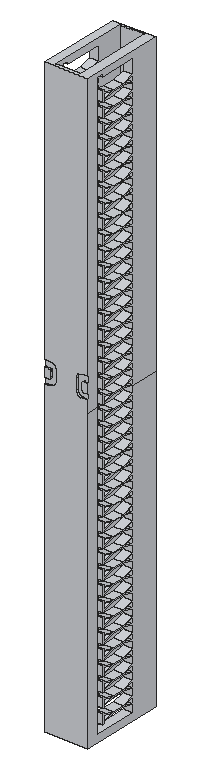
Revit family
Parameters
  Material ID = "760072868\r\n760072868"
  Description = "Vertical Cable Management Kit, 6in X 84in (152mm X 2134mm) Single Sided, With Door, Silver"
Reference planes (in)
  plane 1 "Center (Front/Back)": y = 0
  plane 2: z = 0
  plane 3 "Center (Left/Right)": x = 0
Forms (in)
  Extrusion 1, void, not visible
    sketch origin (0, 0, 0) x (1, 0, 0) y (0, 0, 1)
      loop
        line (-7.85662, 0.48089) -> (-7.85662, -0.39002) -> (-7.67285, -0.39002) -> (-7.67285, -0.64002) -> (-7.0736, -0.64002) -> (-7.0736, -0.39002) -> (-6.92978, -0.39002) -> (-6.92978, 0.48089) -> (-7.85662, 0.48089)
    from -3.79215 to 12
  Extrusion 2, void, not visible
    sketch origin (0, 0, 0) x (1, 0, 0) y (0, 0, 1)
      loop
        line (-8.21397, 0.42583) -> (-8.21397, -0.07417) -> (-8.08657, -0.07417) -> (-8.08657, -0.27417) -> (-7.83657, -0.27417) -> (-7.83657, -0.07417) -> (-7.72497, -0.07417) -> (-7.72497, 0.42583) -> (-8.21397, 0.42583)
    from 0.74059 to 3.34334
  Extrusion 3, solid
    sketch origin (0, 0, 0) x (1, 0, 0) y (0, 0, 1)
      loop
        line (7, 42) -> (1, 42) -> (1, -42) -> (7, -42) -> (7, 0) -> (7, 42)
    from 11.281 to -0.549
  Extrusion 4, void
    sketch origin (0, 0, 0) x (1, 0, 0) y (0, 0, 1)
      loop
        line (7, 4.67999) -> (6.17811, 4.67999)
        arc (6.17811, 4.67999) -> (5.61242, 4.44568) -> (5.37811, 3.87999) r 0.8
        line (5.37811, 3.87999) -> (5.37811, 2.45474)
        arc (5.37811, 2.45474) -> (5.61242, 1.88905) -> (6.17811, 1.65474) r 0.8
        line (6.17811, 1.65474) -> (7, 1.65474) -> (7, 2.45474) -> (6.47811, 2.45474)
        arc (6.47811, 2.45474) -> (6.26598, 2.54261) -> (6.17811, 2.75474) r 0.3
        line (6.17811, 2.75474) -> (6.17811, 3.44627)
        arc (6.17811, 3.44627) -> (6.26598, 3.6584) -> (6.47811, 3.74627) r 0.3
        line (6.47811, 3.74627) -> (7, 3.74627) -> (7, 4.67999)
      loop
        line (1, 4.67999) -> (1, 3.74627) -> (1.52189, 3.74627)
        arc (1.52189, 3.74627) -> (1.73402, 3.6584) -> (1.82189, 3.44627) r 0.3
        line (1.82189, 3.44627) -> (1.82189, 2.75474)
        arc (1.82189, 2.75474) -> (1.73402, 2.54261) -> (1.52189, 2.45474) r 0.3
        line (1.52189, 2.45474) -> (1, 2.45474) -> (1, 1.65474) -> (1.82189, 1.65474)
        arc (1.82189, 1.65474) -> (2.38758, 1.88905) -> (2.62189, 2.45474) r 0.8
        line (2.62189, 2.45474) -> (2.62189, 3.87999)
        arc (2.62189, 3.87999) -> (2.38758, 4.44568) -> (1.82189, 4.67999) r 0.8
        line (1.82189, 4.67999) -> (1, 4.67999)
    from 11.08569 to 11.281
  Extrusion 5, void
    sketch origin (0, 0, 0) x (1, 0, 0) y (0, 1, 0)
      loop
        line (5.70983, 0.3385) -> (2.20983, 0.3385) -> (2.20983, -10.9115) -> (5.70983, -10.9115) -> (5.70983, 0.3385)
    from -57.1272 to 54.97812
  Extrusion 6, void
    sketch origin (0, 0, 0) x (0, 1, 0) y (0, 0, 1)
      loop
        line (-3.37841, 39.06909) -> (-3.37841, 41.06909) -> (-8.50915, 41.06909) -> (-8.50915, 39.06909) -> (-6.81878, 38.61615) -> (-5.06878, 38.61615) -> (-3.37841, 39.06909)
      loop
        line (-3.37841, 38.06909) -> (-5.06878, 38.52202) -> (-6.81878, 38.52202) -> (-8.50915, 38.06909) -> (-8.50915, 37.81909) -> (-8.50915, 37.06909) -> (-6.81878, 36.61615) -> (-5.06878, 36.61615) -> (-3.37841, 37.06909) -> (-3.37841, 37.81909) -> (-3.37841, 38.06909)
      loop
        line (-3.37841, 39.00985) -> (-4.9864, 38.57899) -> (-3.37841, 38.14813) -> (-3.37841, 39.00985)
      loop
        line (-8.50915, 39.00985) -> (-8.50915, 38.14813) -> (-6.90115, 38.57899) -> (-8.50915, 39.00985)
      loop
        line (-3.37841, 36.06909) -> (-5.06878, 36.52202) -> (-6.81878, 36.52202) -> (-8.50915, 36.06909) -> (-8.50915, 35.06909) -> (-6.81878, 34.61615) -> (-5.06878, 34.61615) -> (-3.37841, 35.06909) -> (-3.37841, 36.06909)
      loop
        line (-3.37841, 37.00985) -> (-4.9864, 36.57899) -> (-3.37841, 36.14813) -> (-3.37841, 37.00985)
      loop
        line (-8.50915, 37.00985) -> (-8.50915, 36.14813) -> (-6.90115, 36.57899) -> (-8.50915, 37.00985)
      loop
        line (-3.37841, 34.06909) -> (-5.06878, 34.52202) -> (-6.81878, 34.52202) -> (-8.50915, 34.06909) -> (-8.50915, 33.06909) -> (-6.81878, 32.61615) -> (-5.06878, 32.61615) -> (-3.37841, 33.06909) -> (-3.37841, 34.06909)
      loop
        line (-3.37841, 35.00985) -> (-4.9864, 34.57899) -> (-3.37841, 34.14813) -> (-3.37841, 35.00985)
      loop
        line (-8.50915, 35.00985) -> (-8.50915, 34.14813) -> (-6.90115, 34.57899) -> (-8.50915, 35.00985)
      loop
        line (-3.37841, 32.06909) -> (-5.06878, 32.52202) -> (-6.81878, 32.52202) -> (-8.50915, 32.06909) -> (-8.50915, 31.06909) -> (-6.81878, 30.61615) -> (-5.06878, 30.61615) -> (-3.37841, 31.06909) -> (-3.37841, 32.06909)
      loop
        line (-3.37841, 33.00985) -> (-4.9864, 32.57899) -> (-3.37841, 32.14813) -> (-3.37841, 33.00985)
      loop
        line (-8.50915, 33.00985) -> (-8.50915, 32.14813) -> (-6.90115, 32.57899) -> (-8.50915, 33.00985)
      loop
        line (-3.37841, 30.06909) -> (-5.06878, 30.52202) -> (-6.81878, 30.52202) -> (-8.50915, 30.06909) -> (-8.50915, 29.06909) -> (-6.81878, 28.61615) -> (-5.06878, 28.61615) -> (-3.37841, 29.06909) -> (-3.37841, 30.06909)
      loop
        line (-3.37841, 31.00985) -> (-4.9864, 30.57899) -> (-3.37841, 30.14813) -> (-3.37841, 31.00985)
      loop
        line (-8.50915, 31.00985) -> (-8.50915, 30.14813) -> (-6.90115, 30.57899) -> (-8.50915, 31.00985)
      loop
        line (-3.37841, 28.06909) -> (-5.06878, 28.52202) -> (-6.81878, 28.52202) -> (-8.50915, 28.06909) -> (-8.50915, 27.06909) -> (-6.81878, 26.61615) -> (-5.06878, 26.61615) -> (-3.37841, 27.06909) -> (-3.37841, 28.06909)
      loop
        line (-3.37841, 29.00985) -> (-4.9864, 28.57899) -> (-3.37841, 28.14813) -> (-3.37841, 29.00985)
      loop
        line (-8.50915, 29.00985) -> (-8.50915, 28.14813) -> (-6.90115, 28.57899) -> (-8.50915, 29.00985)
      loop
        line (-3.37841, 26.06909) -> (-5.06878, 26.52202) -> (-6.81878, 26.52202) -> (-8.50915, 26.06909) -> (-8.50915, 25.06909) -> (-6.81878, 24.61615) -> (-5.06878, 24.61615) -> (-3.37841, 25.06909) -> (-3.37841, 26.06909)
      loop
        line (-3.37841, 27.00985) -> (-4.9864, 26.57899) -> (-3.37841, 26.14813) -> (-3.37841, 27.00985)
      loop
        line (-8.50915, 27.00985) -> (-8.50915, 26.14813) -> (-6.90115, 26.57899) -> (-8.50915, 27.00985)
      loop
        line (-3.37841, 24.06909) -> (-5.06878, 24.52202) -> (-6.81878, 24.52202) -> (-8.50915, 24.06909) -> (-8.50915, 23.06909) -> (-6.81878, 22.61615) -> (-5.06878, 22.61615) -> (-3.37841, 23.06909) -> (-3.37841, 24.06909)
      loop
        line (-3.37841, 25.00985) -> (-4.9864, 24.57899) -> (-3.37841, 24.14813) -> (-3.37841, 25.00985)
      loop
        line (-8.50915, 25.00985) -> (-8.50915, 24.14813) -> (-6.90115, 24.57899) -> (-8.50915, 25.00985)
      loop
        line (-3.37841, 22.06909) -> (-5.06878, 22.52202) -> (-6.81878, 22.52202) -> (-8.50915, 22.06909) -> (-8.50915, 21.06909) -> (-6.81878, 20.61615) -> (-5.06878, 20.61615) -> (-3.37841, 21.06909) -> (-3.37841, 22.06909)
      loop
        line (-3.37841, 23.00985) -> (-4.9864, 22.57899) -> (-3.37841, 22.14813) -> (-3.37841, 23.00985)
      loop
        line (-8.50915, 23.00985) -> (-8.50915, 22.14813) -> (-6.90115, 22.57899) -> (-8.50915, 23.00985)
      loop
        line (-3.37841, 20.06909) -> (-5.06878, 20.52202) -> (-6.81878, 20.52202) -> (-8.50915, 20.06909) -> (-8.50915, 19.06909) -> (-6.81878, 18.61615) -> (-5.06878, 18.61615) -> (-3.37841, 19.06909) -> (-3.37841, 20.06909)
      loop
        line (-3.37841, 21.00985) -> (-4.9864, 20.57899) -> (-3.37841, 20.14813) -> (-3.37841, 21.00985)
      loop
        line (-8.50915, 21.00985) -> (-8.50915, 20.14813) -> (-6.90115, 20.57899) -> (-8.50915, 21.00985)
      loop
        line (-3.37841, 18.06909) -> (-5.06878, 18.52202) -> (-6.81878, 18.52202) -> (-8.50915, 18.06909) -> (-8.50915, 17.06909) -> (-6.81878, 16.61615) -> (-5.06878, 16.61615) -> (-3.37841, 17.06909) -> (-3.37841, 18.06909)
      loop
        line (-3.37841, 19.00985) -> (-4.9864, 18.57899) -> (-3.37841, 18.14813) -> (-3.37841, 19.00985)
      loop
        line (-8.50915, 19.00985) -> (-8.50915, 18.14813) -> (-6.90115, 18.57899) -> (-8.50915, 19.00985)
      loop
        line (-3.37841, 16.06909) -> (-5.06878, 16.52202) -> (-6.81878, 16.52202) -> (-8.50915, 16.06909) -> (-8.50915, 15.06909) -> (-6.81878, 14.61615) -> (-5.06878, 14.61615) -> (-3.37841, 15.06909) -> (-3.37841, 16.06909)
      loop
        line (-3.37841, 17.00985) -> (-4.9864, 16.57899) -> (-3.37841, 16.14813) -> (-3.37841, 17.00985)
      loop
        line (-8.50915, 17.00985) -> (-8.50915, 16.14813) -> (-6.90115, 16.57899) -> (-8.50915, 17.00985)
      loop
        line (-3.37841, 14.06909) -> (-5.06878, 14.52202) -> (-6.81878, 14.52202) -> (-8.50915, 14.06909) -> (-8.50915, 13.06909) -> (-6.81878, 12.61615) -> (-5.06878, 12.61615) -> (-3.37841, 13.06909) -> (-3.37841, 14.06909)
      loop
        line (-3.37841, 15.00985) -> (-4.9864, 14.57899) -> (-3.37841, 14.14813) -> (-3.37841, 15.00985)
      loop
        line (-8.50915, 15.00985) -> (-8.50915, 14.14813) -> (-6.90115, 14.57899) -> (-8.50915, 15.00985)
      loop
        line (-3.37841, 12.06909) -> (-5.06878, 12.52202) -> (-6.81878, 12.52202) -> (-8.50915, 12.06909) -> (-8.50915, 11.06909) -> (-6.81878, 10.61615) -> (-5.06878, 10.61615) -> (-3.37841, 11.06909) -> (-3.37841, 12.06909)
      loop
        line (-3.37841, 13.00985) -> (-4.9864, 12.57899) -> (-3.37841, 12.14813) -> (-3.37841, 13.00985)
      loop
        line (-8.50915, 13.00985) -> (-8.50915, 12.14813) -> (-6.90115, 12.57899) -> (-8.50915, 13.00985)
      loop
        line (-3.37841, 10.06909) -> (-5.06878, 10.52202) -> (-6.81878, 10.52202) -> (-8.50915, 10.06909) -> (-8.50915, 9.06909) -> (-6.81878, 8.61615) -> (-5.06878, 8.61615) -> (-3.37841, 9.06909) -> (-3.37841, 10.06909)
      loop
        line (-3.37841, 11.00985) -> (-4.9864, 10.57899) -> (-3.37841, 10.14813) -> (-3.37841, 11.00985)
      loop
        line (-8.50915, 11.00985) -> (-8.50915, 10.14813) -> (-6.90115, 10.57899) -> (-8.50915, 11.00985)
      loop
        line (-3.37841, 8.06909) -> (-5.06878, 8.52202) -> (-6.81878, 8.52202) -> (-8.50915, 8.06909) -> (-8.50915, 7.06909) -> (-6.81878, 6.61615) -> (-5.06878, 6.61615) -> (-3.37841, 7.06909) -> (-3.37841, 8.06909)
      loop
        line (-3.37841, 9.00985) -> (-4.9864, 8.57899) -> (-3.37841, 8.14813) -> (-3.37841, 9.00985)
      loop
        line (-8.50915, 9.00985) -> (-8.50915, 8.14813) -> (-6.90115, 8.57899) -> (-8.50915, 9.00985)
      loop
        line (-3.37841, 6.06909) -> (-5.06878, 6.52202) -> (-6.81878, 6.52202) -> (-8.50915, 6.06909) -> (-8.50915, 5.06909) -> (-6.81878, 4.61615) -> (-5.06878, 4.61615) -> (-3.37841, 5.06909) -> (-3.37841, 6.06909)
      loop
        line (-3.37841, 7.00985) -> (-4.9864, 6.57899) -> (-3.37841, 6.14813) -> (-3.37841, 7.00985)
      loop
        line (-8.50915, 7.00985) -> (-8.50915, 6.14813) -> (-6.90115, 6.57899) -> (-8.50915, 7.00985)
      loop
        line (-3.37841, 4.06909) -> (-5.06878, 4.52202) -> (-6.81878, 4.52202) -> (-8.50915, 4.06909) -> (-8.50915, 3.06909) -> (-6.81878, 2.61615) -> (-5.06878, 2.61615) -> (-3.37841, 3.06909) -> (-3.37841, 4.06909)
      loop
        line (-3.37841, 5.00985) -> (-4.9864, 4.57899) -> (-3.37841, 4.14813) -> (-3.37841, 5.00985)
      loop
        line (-8.50915, 5.00985) -> (-8.50915, 4.14813) -> (-6.90115, 4.57899) -> (-8.50915, 5.00985)
      loop
        line (-3.37841, 2.06909) -> (-5.06878, 2.52202) -> (-6.81878, 2.52202) -> (-8.50915, 2.06909) -> (-8.50915, 1.06909) -> (-6.81878, 0.61615) -> (-5.06878, 0.61615) -> (-3.37841, 1.06909) -> (-3.37841, 2.06909)
      loop
        line (-3.37841, 3.00985) -> (-4.9864, 2.57899) -> (-3.37841, 2.14813) -> (-3.37841, 3.00985)
      loop
        line (-8.50915, 3.00985) -> (-8.50915, 2.14813) -> (-6.90115, 2.57899) -> (-8.50915, 3.00985)
      loop
        line (-3.37841, 0.06909) -> (-5.06878, 0.52202) -> (-6.81878, 0.52202) -> (-8.50915, 0.06909) -> (-8.50915, -0.93091) -> (-6.81878, -1.38385) -> (-5.06878, -1.38385) -> (-3.37841, -0.93091) -> (-3.37841, 0.06909)
      loop
        line (-3.37841, 1.00985) -> (-4.9864, 0.57899) -> (-3.37841, 0.14813) -> (-3.37841, 1.00985)
      loop
        line (-8.50915, 1.00985) -> (-8.50915, 0.14813) -> (-6.90115, 0.57899) -> (-8.50915, 1.00985)
      loop
        line (-3.37841, -1.93091) -> (-5.06878, -1.47798) -> (-6.81878, -1.47798) -> (-8.50915, -1.93091) -> (-8.50915, -2.93091) -> (-6.81878, -3.38385) -> (-5.06878, -3.38385) -> (-3.37841, -2.93091) -> (-3.37841, -1.93091)
      loop
        line (-3.37841, -0.99015) -> (-4.9864, -1.42101) -> (-3.37841, -1.85187) -> (-3.37841, -0.99015)
      loop
        line (-8.50915, -0.99015) -> (-8.50915, -1.85187) -> (-6.90115, -1.42101) -> (-8.50915, -0.99015)
      loop
        line (-3.37841, -3.93091) -> (-5.06878, -3.47798) -> (-6.81878, -3.47798) -> (-8.50915, -3.93091) -> (-8.50915, -4.93091) -> (-6.81878, -5.38385) -> (-5.06878, -5.38385) -> (-3.37841, -4.93091) -> (-3.37841, -3.93091)
      loop
        line (-3.37841, -2.99015) -> (-4.9864, -3.42101) -> (-3.37841, -3.85187) -> (-3.37841, -2.99015)
      loop
        line (-8.50915, -2.99015) -> (-8.50915, -3.85187) -> (-6.90115, -3.42101) -> (-8.50915, -2.99015)
      loop
        line (-3.37841, -5.93091) -> (-5.06878, -5.47798) -> (-6.81878, -5.47798) -> (-8.50915, -5.93091) -> (-8.50915, -6.93091) -> (-6.81878, -7.38385) -> (-5.06878, -7.38385) -> (-3.37841, -6.93091) -> (-3.37841, -5.93091)
      loop
        line (-3.37841, -4.99015) -> (-4.9864, -5.42101) -> (-3.37841, -5.85187) -> (-3.37841, -4.99015)
      loop
        line (-8.50915, -4.99015) -> (-8.50915, -5.85187) -> (-6.90115, -5.42101) -> (-8.50915, -4.99015)
      loop
        line (-3.37841, -7.93091) -> (-5.06878, -7.47798) -> (-6.81878, -7.47798) -> (-8.50915, -7.93091) -> (-8.50915, -8.93091) -> (-6.81878, -9.38385) -> (-5.06878, -9.38385) -> (-3.37841, -8.93091) -> (-3.37841, -7.93091)
      loop
        line (-3.37841, -6.99015) -> (-4.9864, -7.42101) -> (-3.37841, -7.85187) -> (-3.37841, -6.99015)
      loop
        line (-8.50915, -6.99015) -> (-8.50915, -7.85187) -> (-6.90115, -7.42101) -> (-8.50915, -6.99015)
      loop
        line (-3.37841, -9.93091) -> (-5.06878, -9.47798) -> (-6.81878, -9.47798) -> (-8.50915, -9.93091) -> (-8.50915, -10.93091) -> (-6.81878, -11.38385) -> (-5.06878, -11.38385) -> (-3.37841, -10.93091) -> (-3.37841, -9.93091)
      loop
        line (-3.37841, -8.99015) -> (-4.9864, -9.42101) -> (-3.37841, -9.85187) -> (-3.37841, -8.99015)
      loop
        line (-8.50915, -8.99015) -> (-8.50915, -9.85187) -> (-6.90115, -9.42101) -> (-8.50915, -8.99015)
      loop
        line (-3.37841, -11.93091) -> (-5.06878, -11.47798) -> (-6.81878, -11.47798) -> (-8.50915, -11.93091) -> (-8.50915, -12.93091) -> (-6.81878, -13.38385) -> (-5.06878, -13.38385) -> (-3.37841, -12.93091) -> (-3.37841, -11.93091)
      loop
        line (-3.37841, -10.99015) -> (-4.9864, -11.42101) -> (-3.37841, -11.85187) -> (-3.37841, -10.99015)
      loop
        line (-8.50915, -10.99015) -> (-8.50915, -11.85187) -> (-6.90115, -11.42101) -> (-8.50915, -10.99015)
      loop
        line (-3.37841, -13.93091) -> (-5.06878, -13.47798) -> (-6.81878, -13.47798) -> (-8.50915, -13.93091) -> (-8.50915, -14.93091) -> (-6.81878, -15.38385) -> (-5.06878, -15.38385) -> (-3.37841, -14.93091) -> (-3.37841, -13.93091)
      loop
        line (-3.37841, -12.99015) -> (-4.9864, -13.42101) -> (-3.37841, -13.85187) -> (-3.37841, -12.99015)
      loop
        line (-8.50915, -12.99015) -> (-8.50915, -13.85187) -> (-6.90115, -13.42101) -> (-8.50915, -12.99015)
      loop
        line (-3.37841, -15.93091) -> (-5.06878, -15.47798) -> (-6.81878, -15.47798) -> (-8.50915, -15.93091) -> (-8.50915, -16.93091) -> (-6.81878, -17.38385) -> (-5.06878, -17.38385) -> (-3.37841, -16.93091) -> (-3.37841, -15.93091)
      loop
        line (-3.37841, -14.99015) -> (-4.9864, -15.42101) -> (-3.37841, -15.85187) -> (-3.37841, -14.99015)
      loop
        line (-8.50915, -14.99015) -> (-8.50915, -15.85187) -> (-6.90115, -15.42101) -> (-8.50915, -14.99015)
      loop
        line (-3.37841, -17.93091) -> (-5.06878, -17.47798) -> (-6.81878, -17.47798) -> (-8.50915, -17.93091) -> (-8.50915, -18.93091) -> (-6.81878, -19.38385) -> (-5.06878, -19.38385) -> (-3.37841, -18.93091) -> (-3.37841, -17.93091)
      loop
        line (-3.37841, -16.99015) -> (-4.9864, -17.42101) -> (-3.37841, -17.85187) -> (-3.37841, -16.99015)
      loop
        line (-8.50915, -16.99015) -> (-8.50915, -17.85187) -> (-6.90115, -17.42101) -> (-8.50915, -16.99015)
      loop
        line (-3.37841, -19.93091) -> (-5.06878, -19.47798) -> (-6.81878, -19.47798) -> (-8.50915, -19.93091) -> (-8.50915, -20.93091) -> (-6.81878, -21.38385) -> (-5.06878, -21.38385) -> (-3.37841, -20.93091) -> (-3.37841, -19.93091)
      loop
        line (-3.37841, -18.99015) -> (-4.9864, -19.42101) -> (-3.37841, -19.85187) -> (-3.37841, -18.99015)
      loop
        line (-8.50915, -18.99015) -> (-8.50915, -19.85187) -> (-6.90115, -19.42101) -> (-8.50915, -18.99015)
      loop
        line (-3.37841, -21.93091) -> (-5.06878, -21.47798) -> (-6.81878, -21.47798) -> (-8.50915, -21.93091) -> (-8.50915, -22.93091) -> (-6.81878, -23.38385) -> (-5.06878, -23.38385) -> (-3.37841, -22.93091) -> (-3.37841, -21.93091)
      loop
        line (-3.37841, -20.99015) -> (-4.9864, -21.42101) -> (-3.37841, -21.85187) -> (-3.37841, -20.99015)
      loop
        line (-8.50915, -20.99015) -> (-8.50915, -21.85187) -> (-6.90115, -21.42101) -> (-8.50915, -20.99015)
      loop
        line (-3.37841, -23.93091) -> (-5.06878, -23.47798) -> (-6.81878, -23.47798) -> (-8.50915, -23.93091) -> (-8.50915, -24.93091) -> (-6.81878, -25.38385) -> (-5.06878, -25.38385) -> (-3.37841, -24.93091) -> (-3.37841, -23.93091)
      loop
        line (-3.37841, -22.99015) -> (-4.9864, -23.42101) -> (-3.37841, -23.85187) -> (-3.37841, -22.99015)
      loop
        line (-8.50915, -22.99015) -> (-8.50915, -23.85187) -> (-6.90115, -23.42101) -> (-8.50915, -22.99015)
      loop
        line (-3.37841, -25.93091) -> (-5.06878, -25.47798) -> (-6.81878, -25.47798) -> (-8.50915, -25.93091) -> (-8.50915, -26.93091) -> (-6.81878, -27.38385) -> (-5.06878, -27.38385) -> (-3.37841, -26.93091) -> (-3.37841, -25.93091)
      loop
        line (-3.37841, -24.99015) -> (-4.9864, -25.42101) -> (-3.37841, -25.85187) -> (-3.37841, -24.99015)
      loop
        line (-8.50915, -24.99015) -> (-8.50915, -25.85187) -> (-6.90115, -25.42101) -> (-8.50915, -24.99015)
      loop
        line (-3.37841, -27.93091) -> (-5.06878, -27.47798) -> (-6.81878, -27.47798) -> (-8.50915, -27.93091) -> (-8.50915, -28.93091) -> (-6.81878, -29.38385) -> (-5.06878, -29.38385) -> (-3.37841, -28.93091) -> (-3.37841, -27.93091)
      loop
        line (-3.37841, -26.99015) -> (-4.9864, -27.42101) -> (-3.37841, -27.85187) -> (-3.37841, -26.99015)
      loop
        line (-8.50915, -26.99015) -> (-8.50915, -27.85187) -> (-6.90115, -27.42101) -> (-8.50915, -26.99015)
      loop
        line (-3.37841, -29.93091) -> (-5.06878, -29.47798) -> (-6.81878, -29.47798) -> (-8.50915, -29.93091) -> (-8.50915, -30.93091) -> (-6.81878, -31.38385) -> (-5.06878, -31.38385) -> (-3.37841, -30.93091) -> (-3.37841, -29.93091)
      loop
        line (-3.37841, -28.99015) -> (-4.9864, -29.42101) -> (-3.37841, -29.85187) -> (-3.37841, -28.99015)
      loop
        line (-8.50915, -28.99015) -> (-8.50915, -29.85187) -> (-6.90115, -29.42101) -> (-8.50915, -28.99015)
      loop
        line (-3.37841, -31.93091) -> (-5.06878, -31.47798) -> (-6.81878, -31.47798) -> (-8.50915, -31.93091) -> (-8.50915, -32.93091) -> (-6.81878, -33.38385) -> (-5.06878, -33.38385) -> (-3.37841, -32.93091) -> (-3.37841, -31.93091)
      loop
        line (-3.37841, -30.99015) -> (-4.9864, -31.42101) -> (-3.37841, -31.85187) -> (-3.37841, -30.99015)
      loop
        line (-8.50915, -30.99015) -> (-8.50915, -31.85187) -> (-6.90115, -31.42101) -> (-8.50915, -30.99015)
      loop
        line (-3.37841, -33.93091) -> (-5.06878, -33.47798) -> (-6.81878, -33.47798) -> (-8.50915, -33.93091) -> (-8.50915, -34.93091) -> (-6.81878, -35.38385) -> (-5.06878, -35.38385) -> (-3.37841, -34.93091) -> (-3.37841, -33.93091)
      loop
        line (-3.37841, -32.99015) -> (-4.9864, -33.42101) -> (-3.37841, -33.85187) -> (-3.37841, -32.99015)
      loop
        line (-8.50915, -32.99015) -> (-8.50915, -33.85187) -> (-6.90115, -33.42101) -> (-8.50915, -32.99015)
      loop
        line (-3.37841, -35.93091) -> (-5.06878, -35.47798) -> (-6.81878, -35.47798) -> (-8.50915, -35.93091) -> (-8.50915, -36.93091) -> (-6.81878, -37.38385) -> (-5.06878, -37.38385) -> (-3.37841, -36.93091) -> (-3.37841, -35.93091)
      loop
        line (-3.37841, -34.99015) -> (-4.9864, -35.42101) -> (-3.37841, -35.85187) -> (-3.37841, -34.99015)
      loop
        line (-8.50915, -34.99015) -> (-8.50915, -35.85187) -> (-6.90115, -35.42101) -> (-8.50915, -34.99015)
      loop
        line (-3.37841, -37.93091) -> (-5.06878, -37.47798) -> (-6.81878, -37.47798) -> (-8.50915, -37.93091) -> (-8.50915, -38.93091) -> (-6.81878, -39.38385) -> (-5.06878, -39.38385) -> (-3.37841, -38.93091) -> (-3.37841, -37.93091)
      loop
        line (-3.37841, -36.99015) -> (-4.9864, -37.42101) -> (-3.37841, -37.85187) -> (-3.37841, -36.99015)
      loop
        line (-8.50915, -36.99015) -> (-8.50915, -37.85187) -> (-6.90115, -37.42101) -> (-8.50915, -36.99015)
      loop
        line (-3.37841, -40.99798) -> (-3.37841, -39.93091) -> (-5.06878, -39.47798) -> (-6.81878, -39.47798) -> (-8.50915, -39.93091) -> (-8.50915, -40.99798) -> (-3.37841, -40.99798)
      loop
        line (-3.37841, -38.99015) -> (-4.9864, -39.42101) -> (-3.37841, -39.85187) -> (-3.37841, -38.99015)
      loop
        line (-8.50915, -38.99015) -> (-8.50915, -39.85187) -> (-6.90115, -39.42101) -> (-8.50915, -38.99015)
    from -16.16264 to 12
  Extrusion 7, void
    sketch origin (0, 0, 0) x (0, 1, 0) y (0, 0, 1)
      loop
        line (-9.74802, 41.47806) -> (-9.74802, -41) -> (-8.75915, -41) -> (-8.75915, 41.47806) -> (-9.74802, 41.47806)
    from -16.48531 to 12
  Extrusion 8, void
    sketch origin (0, 0, 0) x (1, 0, 0) y (0, 0, 1)
      loop
        line (5.49935, 28.88043) -> (2.49935, 28.88043) -> (2.49935, 16.13043) -> (5.49935, 16.13043) -> (5.49935, 28.88043)
      loop
        line (5.49935, -28.88043) -> (5.49935, -16.13043) -> (2.49935, -16.13043) -> (2.49935, -28.88043) -> (5.49935, -28.88043)
    from -9.86946 to 1.00595
  Extrusion 9, void
    sketch origin (7, 0, 42) x (0, 0, 1) y (0, 1, 0)
      loop
        line (-0.93091, -7.22337) -> (-2.68091, -7.22337) -> (-2.68091, -9.22337) -> (-0.93091, -9.22337) -> (-0.93091, -7.22337)
      loop
        line (-4.08537, -9.05786) -> (-4.08537, -8.05786) -> (-4.76237, -8.05786) -> (-4.76237, -9.05786) -> (-4.08537, -9.05786)
      loop
        line (-6.08537, -9.05786) -> (-6.08537, -8.05786) -> (-6.76237, -8.05786) -> (-6.76237, -9.05786) -> (-6.08537, -9.05786)
      loop
        line (-8.08537, -9.05786) -> (-8.08537, -8.05786) -> (-8.76237, -8.05786) -> (-8.76237, -9.05786) -> (-8.08537, -9.05786)
      loop
        line (-10.08537, -9.05786) -> (-10.08537, -8.05786) -> (-10.76237, -8.05786) -> (-10.76237, -9.05786) -> (-10.08537, -9.05786)
      loop
        line (-12.08537, -9.05786) -> (-12.08537, -8.05786) -> (-12.76237, -8.05786) -> (-12.76237, -9.05786) -> (-12.08537, -9.05786)
      loop
        line (-14.08537, -9.05786) -> (-14.08537, -8.05786) -> (-14.76237, -8.05786) -> (-14.76237, -9.05786) -> (-14.08537, -9.05786)
      loop
        line (-16.08537, -9.05786) -> (-16.08537, -8.05786) -> (-16.76237, -8.05786) -> (-16.76237, -9.05786) -> (-16.08537, -9.05786)
      loop
        line (-18.08537, -9.05786) -> (-18.08537, -8.05786) -> (-18.76237, -8.05786) -> (-18.76237, -9.05786) -> (-18.08537, -9.05786)
      loop
        line (-20.08537, -9.05786) -> (-20.08537, -8.05786) -> (-20.76237, -8.05786) -> (-20.76237, -9.05786) -> (-20.08537, -9.05786)
      loop
        line (-22.08537, -9.05786) -> (-22.08537, -8.05786) -> (-22.76237, -8.05786) -> (-22.76237, -9.05786) -> (-22.08537, -9.05786)
      loop
        line (-24.08537, -9.05786) -> (-24.08537, -8.05786) -> (-24.76237, -8.05786) -> (-24.76237, -9.05786) -> (-24.08537, -9.05786)
      loop
        line (-26.08537, -9.05786) -> (-26.08537, -8.05786) -> (-26.76237, -8.05786) -> (-26.76237, -9.05786) -> (-26.08537, -9.05786)
      loop
        line (-28.08537, -9.05786) -> (-28.08537, -8.05786) -> (-28.76237, -8.05786) -> (-28.76237, -9.05786) -> (-28.08537, -9.05786)
      loop
        line (-30.08537, -9.05786) -> (-30.08537, -8.05786) -> (-30.76237, -8.05786) -> (-30.76237, -9.05786) -> (-30.08537, -9.05786)
      loop
        line (-32.08537, -9.05786) -> (-32.08537, -8.05786) -> (-32.76237, -8.05786) -> (-32.76237, -9.05786) -> (-32.08537, -9.05786)
      loop
        line (-34.08537, -9.05786) -> (-34.08537, -8.05786) -> (-34.76237, -8.05786) -> (-34.76237, -9.05786) -> (-34.08537, -9.05786)
      loop
        line (-36.08537, -9.05786) -> (-36.08537, -8.05786) -> (-36.76237, -8.05786) -> (-36.76237, -9.05786) -> (-36.08537, -9.05786)
      loop
        line (-38.08537, -9.05786) -> (-38.08537, -8.05786) -> (-38.76237, -8.05786) -> (-38.76237, -9.05786) -> (-38.08537, -9.05786)
      loop
        line (-40.08537, -9.05786) -> (-40.08537, -8.05786) -> (-40.76237, -8.05786) -> (-40.76237, -9.05786) -> (-40.08537, -9.05786)
      loop
        line (-42.08537, -9.05786) -> (-42.08537, -8.05786) -> (-42.76237, -8.05786) -> (-42.76237, -9.05786) -> (-42.08537, -9.05786)
      loop
        line (-44.08537, -9.05786) -> (-44.08537, -8.05786) -> (-44.76237, -8.05786) -> (-44.76237, -9.05786) -> (-44.08537, -9.05786)
      loop
        line (-46.08537, -9.05786) -> (-46.08537, -8.05786) -> (-46.76237, -8.05786) -> (-46.76237, -9.05786) -> (-46.08537, -9.05786)
      loop
        line (-48.08537, -9.05786) -> (-48.08537, -8.05786) -> (-48.76237, -8.05786) -> (-48.76237, -9.05786) -> (-48.08537, -9.05786)
      loop
        line (-50.08537, -9.05786) -> (-50.08537, -8.05786) -> (-50.76237, -8.05786) -> (-50.76237, -9.05786) -> (-50.08537, -9.05786)
      loop
        line (-52.08537, -9.05786) -> (-52.08537, -8.05786) -> (-52.76237, -8.05786) -> (-52.76237, -9.05786) -> (-52.08537, -9.05786)
      loop
        line (-54.08537, -9.05786) -> (-54.08537, -8.05786) -> (-54.76237, -8.05786) -> (-54.76237, -9.05786) -> (-54.08537, -9.05786)
      loop
        line (-56.08537, -9.05786) -> (-56.08537, -8.05786) -> (-56.76237, -8.05786) -> (-56.76237, -9.05786) -> (-56.08537, -9.05786)
      loop
        line (-58.08537, -9.05786) -> (-58.08537, -8.05786) -> (-58.76237, -8.05786) -> (-58.76237, -9.05786) -> (-58.08537, -9.05786)
      loop
        line (-60.08537, -9.05786) -> (-60.08537, -8.05786) -> (-60.76237, -8.05786) -> (-60.76237, -9.05786) -> (-60.08537, -9.05786)
      loop
        line (-62.08537, -9.05786) -> (-62.08537, -8.05786) -> (-62.76237, -8.05786) -> (-62.76237, -9.05786) -> (-62.08537, -9.05786)
      loop
        line (-64.08537, -9.05786) -> (-64.08537, -8.05786) -> (-64.76237, -8.05786) -> (-64.76237, -9.05786) -> (-64.08537, -9.05786)
      loop
        line (-66.08537, -9.05786) -> (-66.08537, -8.05786) -> (-66.76237, -8.05786) -> (-66.76237, -9.05786) -> (-66.08537, -9.05786)
      loop
        line (-68.08537, -9.05786) -> (-68.08537, -8.05786) -> (-68.76237, -8.05786) -> (-68.76237, -9.05786) -> (-68.08537, -9.05786)
      loop
        line (-70.08537, -9.05786) -> (-70.08537, -8.05786) -> (-70.76237, -8.05786) -> (-70.76237, -9.05786) -> (-70.08537, -9.05786)
      loop
        line (-72.08537, -9.05786) -> (-72.08537, -8.05786) -> (-72.76237, -8.05786) -> (-72.76237, -9.05786) -> (-72.08537, -9.05786)
      loop
        line (-74.08537, -9.05786) -> (-74.08537, -8.05786) -> (-74.76237, -8.05786) -> (-74.76237, -9.05786) -> (-74.08537, -9.05786)
      loop
        line (-76.08537, -9.05786) -> (-76.08537, -8.05786) -> (-76.76237, -8.05786) -> (-76.76237, -9.05786) -> (-76.08537, -9.05786)
      loop
        line (-78.08537, -9.05786) -> (-78.08537, -8.05786) -> (-78.76237, -8.05786) -> (-78.76237, -9.05786) -> (-78.08537, -9.05786)
      loop
        line (-80.08537, -9.05786) -> (-80.08537, -8.05786) -> (-80.76237, -8.05786) -> (-80.76237, -9.05786) -> (-80.08537, -9.05786)
      loop
        line (-82.99798, -7.70129) -> (-82.99798, -9.20129) -> (-82.14251, -9.20129) -> (-82.14251, -7.70129) -> (-82.99798, -7.70129)
    from 0 to 12
Cuts and joins
  Extrusion 4, Extrusion 5, Extrusion 6, Extrusion 7, Extrusion 8, Extrusion 9 cuts Extrusion 3
